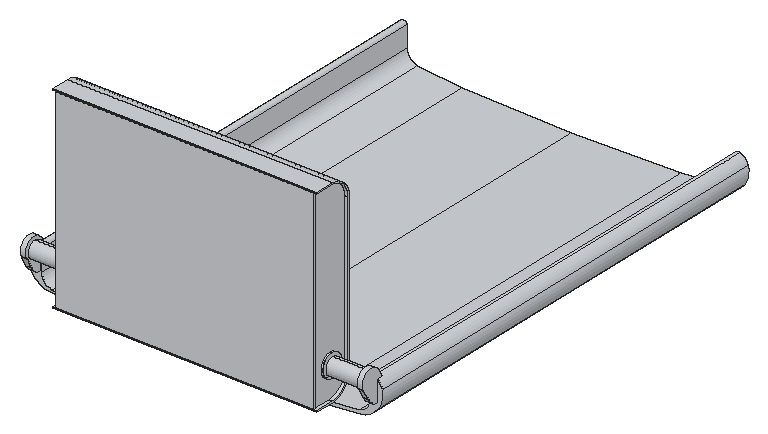
Revit family "3210 Björk Baby changing station", category Furniture Systems, host Wall, Revit 2017
Family settings
  Host = Wall
  Round Connector Dimension = Use Diameter
  Part Type = Normal
  Always vertical = Yes
  Cut with Voids When Loaded = No
  Shared = No
  Room Calculation Point = No
Parameters (values of type "Optional Ral color")
  URL = "http://www.dandryer.dk/da-dk/produkter/produktserie-%E2%80%93-bjork/3210-bjork-puslebord--valgfri-ral-farve"
  UP = not(Down)  # no
  Type Image = <None>
  Surface = none
  Model = "Björk-3210"
  Manufacturer = "Dan Dryer"
  Down = yes
  Description = "Baby changing table"
  Cost = 0
Reference planes
  plane 1 "Wall": y = 0
  plane 2 "Center (Left/Right)": x = 125
  plane 3 "Back": y = 75
Forms (mm)
  Extrusion 1, solid, not visible
    sketch origin (0, 0, 0) x (1, 0, 0) y (0, 1, 0)
      loop
        arc (42.212, 95.366) -> (42.426, 94.946) -> (42.5, 94.481) r 1.5
        line (42.5, 94.481) -> (42.5, 75.3) -> (43.7, 75.3) -> (43.7, 94.481)
        arc (43.7, 94.481) -> (43.567, 95.318) -> (43.181, 96.073) r 2.7
        arc (43.181, 96.073) -> (125, 257.1) -> (206.819, 96.073) r 101.3
        arc (206.819, 96.073) -> (206.433, 95.318) -> (206.3, 94.481) r 2.7
        line (206.3, 94.481) -> (206.3, 75.3) -> (207.5, 75.3) -> (207.5, 94.481)
        arc (207.5, 94.481) -> (207.574, 94.946) -> (207.788, 95.366) r 1.5
        arc (207.788, 95.366) -> (125, 258.3) -> (42.212, 95.366) r 102.5
    from 900 to 1230
  Extrusion 2, void, not visible
    sketch origin (207.5, 94.481, 0) x (0, 1, 0) y (0, 0, -1)
      loop
        line (-19.181, -1225) -> (-19.181, -1230) -> (6.154, -1230)
        arc (6.154, -1230) -> (3.068, -1228.36) -> (2.105, -1225) r 4.47
        line (2.105, -1225) -> (-19.181, -1225)
    from -10.952 to 170.161
  Extrusion 3, void, not visible
    sketch origin (207.5, 94.481, 2130) x (0, 1, 0) y (0, 0, -1)
      loop
        line (-19.181, 1225) -> (2.105, 1225)
        arc (2.105, 1225) -> (3.068, 1228.36) -> (6.154, 1230) r 4.47
        line (6.154, 1230) -> (-19.181, 1230) -> (-19.181, 1225)
    from -6 to 179.451
  Extrusion 4, solid, not visible
    sketch origin (207.5, 75.3, 907) x (0, 1, 0) y (-1, 0, 0)
      loop
        line (0, 163.8) -> (0, 1.2) -> (19.181, 1.2)
        arc (19.181, 1.2) -> (20.018, 1.067) -> (20.773, 0.681) r 2.7
        arc (20.773, 0.681) -> (181.8, 82.5) -> (20.773, 164.319) r 101.3
        arc (20.773, 164.319) -> (20.018, 163.933) -> (19.181, 163.8) r 2.7
        line (19.181, 163.8) -> (0, 163.8)
    from 0 to -2
  Extrusion 5, void, not visible
    sketch origin (206.3, 75.3, 0) x (-1, 0, 0) y (0, 0, 1)
      loop
        arc (83.312, 976) -> (81.303, 978.014) -> (79.288, 976) r 2.012
        line (79.288, 976) -> (79.285, 930)
        arc (79.285, 930) -> (81.297, 927.986) -> (83.312, 930) r 2.012
        line (83.312, 930) -> (83.312, 976)
    from 174.915 to 189.234
  Extrusion 6, solid, not visible
    sketch origin (206.3, 75.3, 0) x (1, 0, 0) y (0, 0, 1)
      loop
        line (-83.312, 975.984) -> (-83.312, 930)
        arc (-83.312, 930) -> (-81.291, 928.118) -> (-79.287, 930.016) r 2.015
        line (-79.287, 930.016) -> (-79.288, 976)
        arc (-79.288, 976) -> (-81.309, 977.882) -> (-83.312, 975.984) r 2.015
    from -182.98 to -174.915
  Extrusion 7, solid, material "RAL FARVE", not visible
    sketch origin (0, 0, 0) x (1, 0, 0) y (0, 1, 0)
      loop
        arc (42.212, 95.366) -> (42.426, 94.946) -> (42.5, 94.481) r 1.5
        line (42.5, 94.481) -> (42.5, 75.3) -> (43.7, 75.3) -> (43.7, 94.481)
        arc (43.7, 94.481) -> (43.567, 95.318) -> (43.181, 96.073) r 2.7
        arc (43.181, 96.073) -> (125, 257.1) -> (206.819, 96.073) r 101.3
        arc (206.819, 96.073) -> (206.433, 95.318) -> (206.3, 94.481) r 2.7
        line (206.3, 94.481) -> (206.3, 75.3) -> (207.5, 75.3) -> (207.5, 94.481)
        arc (207.5, 94.481) -> (207.574, 94.946) -> (207.788, 95.366) r 1.5
        arc (207.788, 95.366) -> (125, 258.3) -> (42.212, 95.366) r 102.5
    from 900 to 1230
Text (mm)
  text "Placement Side" at (-1848.837, 1116.779, 0), in view "Ref. Level"
  text "Placement side" at (0, 1409.804, 2854.306), in view "Left"
  text "Placement side" at (0, 499.811, 2980.732), in view "Right"
Dimensions and locks
  locked: plane 3 "Back" to host wall
  aligned and locked: plane 1 "Wall" to host wall
  aligned and locked: plane 3 "Back" to nested 1  (x2)
Nested families
  nested 1: "Master changing table" at (125, 75, 1050), type "Master changing table"
    with Table up no
Definition of nested family "Master changing table"
  Parameters (values of type "Master changing table")
    Table up = yes
    Table down = yes
    Surface = none
  Reference planes
    plane 1 "Center (Front/Back)": y = 0
    plane 2: z = 0
    plane 3 "Center (Left/Right)": x = 0
  Forms (mm)
    Extrusion 1, solid, material <- "Surface"
      sketch origin (205, 367.912, 256.022) x (0, 1, 0) y (0, 0, 1)
        loop
          line (-368.006, 0) -> (-368.006, -1.5) -> (-337.756, -1.5)
          arc (-337.756, -1.5) -> (-316.543, -10.287) -> (-307.756, -31.5) r 30
          line (-307.756, -31.5) -> (-307.756, -273.5)
          arc (-307.756, -273.5) -> (-316.543, -294.713) -> (-337.756, -303.5) r 30
          line (-337.756, -303.5) -> (-368.006, -303.5) -> (-368.006, -305) -> (-337.756, -305)
          arc (-337.756, -305) -> (-315.482, -295.774) -> (-306.256, -273.5) r 31.5
          line (-306.256, -273.5) -> (-306.256, -31.5)
          arc (-306.256, -31.5) -> (-315.482, -9.226) -> (-337.756, 0) r 31.5
          line (-337.756, 0) -> (-368.006, 0)
      from -410.457 to 0.457
    Extrusion 2, solid, material <- "Surface"
      sketch origin (-200, 30.056, 103.522) x (0, -1, 0) y (0, 0, 1)
        loop
          line (28.149, 150) -> (0.649, 150)
          arc (0.649, 150) -> (-20.564, 141.213) -> (-29.351, 120) r 30
          line (-29.351, 120) -> (-29.351, -120)
          arc (-29.351, -120) -> (-20.564, -141.213) -> (0.649, -150) r 30
          line (0.649, -150) -> (28.149, -150) -> (28.149, 150)
      from 0 to -1.5
    Extrusion 3, solid, material <- "Surface"
      sketch origin (200, 30.056, 103.522) x (0, -1, 0) y (0, 0, -1)
        loop
          line (28.149, -150) -> (28.149, 150) -> (0.649, 150)
          arc (0.649, 150) -> (-20.564, 141.213) -> (-29.351, 120) r 30
          line (-29.351, 120) -> (-29.351, -120)
          arc (-29.351, -120) -> (-20.564, -141.213) -> (0.649, -150) r 30
          line (0.649, -150) -> (28.149, -150)
      from 0 to -1.5
    Extrusion 4, solid, material <- "Surface", visible <- "Table down"
      sketch origin (0, 750.106, -53.254) x (-1, 0, 0) y (0, 0, 1)
        loop
          line (-255, 19.726) -> (-255, 51.373)
          arc (-255, 51.373) -> (-257.243, 55.544) -> (-261.96, 55.973) r 5
          arc (-261.96, 55.973) -> (-270.039, 50.067) -> (-274.685, 41.203) r 22.097
          arc (-274.685, 41.203) -> (-275.07, 26.076) -> (-268.731, 12.336) r 33.351
          arc (-268.731, 12.336) -> (-256.485, 1.616) -> (-241.13, -3.778) r 42.947
          arc (-241.13, -3.778) -> (-205.836, -8.031) -> (-170.362, -10.357) r 652.663
          arc (-170.362, -10.357) -> (-85.196, -12.728) -> (0, -13.33) r 4102.572
          arc (0, -13.33) -> (85.196, -12.728) -> (170.362, -10.357) r 4102.572
          arc (170.362, -10.357) -> (205.836, -8.031) -> (241.13, -3.778) r 652.663
          arc (241.13, -3.778) -> (256.485, 1.616) -> (268.731, 12.336) r 42.947
          arc (268.731, 12.336) -> (275.07, 26.076) -> (274.685, 41.203) r 33.351
          arc (274.685, 41.203) -> (270.039, 50.067) -> (261.96, 55.973) r 22.097
          arc (261.96, 55.973) -> (257.243, 55.544) -> (255, 51.373) r 5
          line (255, 51.373) -> (255, 19.726)
          arc (255, 19.726) -> (250.375, 7.3) -> (238.751, 0.923) r 19.004
          arc (238.751, 0.923) -> (204.558, -3.146) -> (170.196, -5.363) r 637.149
          arc (170.196, -5.363) -> (85.113, -7.758) -> (0, -8.582) r 4609.967
          arc (0, -8.582) -> (-85.113, -7.758) -> (-170.196, -5.363) r 4609.967
          arc (-170.196, -5.363) -> (-204.558, -3.146) -> (-238.751, 0.923) r 637.149
          arc (-238.751, 0.923) -> (-250.375, 7.3) -> (-255, 19.726) r 19.004
      from -709.566 to 0
    Extrusion 5, solid, material <- "Surface", visible <- "Table down"
      sketch origin (258, 29.906, 2.522) x (0, 0, 1) y (0, 1, 0)
        loop
          line (8.4, 14.549) -> (-2.6, 20.9)
          arc (-2.6, 20.9) -> (-4.503, 22.803) -> (-5.2, 25.403) r 5.2
          line (-5.2, 25.403) -> (-5.2, 41.674) -> (-6, 41.383) -> (-6, 177.6)
          arc (-6, 177.6) -> (-6.879, 179.721) -> (-9, 180.6) r 3
          line (-9, 180.6) -> (-33, 180.6)
          arc (-33, 180.6) -> (-35.121, 179.721) -> (-36, 177.6) r 3
          line (-36, 177.6) -> (-36, 30.464) -> (-36.8, 30.172) -> (-36.8, 16.166)
          arc (-36.8, 16.166) -> (-33.477, 3.766) -> (-24.4, -5.312) r 24.8
          line (-24.4, -5.312) -> (-8.4, -14.549)
          arc (-8.4, -14.549) -> (14.549, -8.4) -> (8.4, 14.549) r 16.8
      from -8 to 0
    Extrusion 6, solid, material <- "Surface", visible <- "Table down"
      sketch origin (-266, 29.906, 2.522) x (0, 0, 1) y (0, 1, 0)
        loop
          line (8.4, 14.549) -> (-2.6, 20.9)
          arc (-2.6, 20.9) -> (-4.503, 22.803) -> (-5.2, 25.403) r 5.2
          line (-5.2, 25.403) -> (-5.2, 41.674) -> (-6, 41.383) -> (-6, 177.6)
          arc (-6, 177.6) -> (-6.879, 179.721) -> (-9, 180.6) r 3
          line (-9, 180.6) -> (-33, 180.6)
          arc (-33, 180.6) -> (-35.121, 179.721) -> (-36, 177.6) r 3
          line (-36, 177.6) -> (-36, 30.464) -> (-36.8, 30.172) -> (-36.8, 16.166)
          arc (-36.8, 16.166) -> (-33.477, 3.766) -> (-24.4, -5.312) r 24.8
          line (-24.4, -5.312) -> (-8.4, -14.549)
          arc (-8.4, -14.549) -> (14.549, -8.4) -> (8.4, 14.549) r 16.8
      from -8 to 0
    Extrusion 7, solid, material <- "Surface"
      sketch origin (-258, 31.072, 1.856) x (0, 0, -1) y (0, 1, 0)
        loop
          circle (-0.065, 0.035) r 17.549
      from 53 to 462.5
    Extrusion 8, solid, material <- "Surface", visible <- "Table up"
      sketch origin (0, 85.702, 722.747) x (-1, 0, 0) y (0, -1, 0)
        loop
          line (-255, 19.726) -> (-255, 51.373)
          arc (-255, 51.373) -> (-257.243, 55.544) -> (-261.96, 55.973) r 5
          arc (-261.96, 55.973) -> (-270.039, 50.067) -> (-274.685, 41.203) r 22.097
          arc (-274.685, 41.203) -> (-275.07, 26.076) -> (-268.731, 12.336) r 33.351
          arc (-268.731, 12.336) -> (-256.485, 1.616) -> (-241.13, -3.778) r 42.947
          arc (-241.13, -3.778) -> (-205.836, -8.031) -> (-170.362, -10.357) r 652.663
          arc (-170.362, -10.357) -> (-85.196, -12.728) -> (0, -13.33) r 4102.572
          arc (0, -13.33) -> (85.196, -12.728) -> (170.362, -10.357) r 4102.572
          arc (170.362, -10.357) -> (205.836, -8.031) -> (241.13, -3.778) r 652.663
          arc (241.13, -3.778) -> (256.485, 1.616) -> (268.731, 12.336) r 42.947
          arc (268.731, 12.336) -> (275.07, 26.076) -> (274.685, 41.203) r 33.351
          arc (274.685, 41.203) -> (270.039, 50.067) -> (261.96, 55.973) r 22.097
          arc (261.96, 55.973) -> (257.243, 55.544) -> (255, 51.373) r 5
          line (255, 51.373) -> (255, 19.726)
          arc (255, 19.726) -> (250.375, 7.3) -> (238.751, 0.923) r 19.004
          arc (238.751, 0.923) -> (204.558, -3.146) -> (170.196, -5.363) r 637.149
          arc (170.196, -5.363) -> (85.113, -7.758) -> (0, -8.582) r 4609.967
          arc (0, -8.582) -> (-85.113, -7.758) -> (-170.196, -5.363) r 4609.967
          arc (-170.196, -5.363) -> (-204.558, -3.146) -> (-238.751, 0.923) r 637.149
          arc (-238.751, 0.923) -> (-250.375, 7.3) -> (-255, 19.726) r 19.004
      from -709.566 to 0
    Extrusion 9, solid, material <- "Surface", visible <- "Table up"
      sketch origin (258, 29.925, 2.547) x (0, -1, 0) y (0, 0, 1)
        loop
          line (8.4, 14.549) -> (-2.6, 20.9)
          arc (-2.6, 20.9) -> (-4.503, 22.803) -> (-5.2, 25.403) r 5.2
          line (-5.2, 25.403) -> (-5.2, 41.674) -> (-6, 41.383) -> (-6, 177.6)
          arc (-6, 177.6) -> (-6.879, 179.721) -> (-9, 180.6) r 3
          line (-9, 180.6) -> (-33, 180.6)
          arc (-33, 180.6) -> (-35.121, 179.721) -> (-36, 177.6) r 3
          line (-36, 177.6) -> (-36, 30.464) -> (-36.8, 30.172) -> (-36.8, 16.166)
          arc (-36.8, 16.166) -> (-33.477, 3.766) -> (-24.4, -5.312) r 24.8
          line (-24.4, -5.312) -> (-8.4, -14.549)
          arc (-8.4, -14.549) -> (14.549, -8.4) -> (8.4, 14.549) r 16.8
      from -8 to 0
    Extrusion 10, solid, material <- "Surface", visible <- "Table up"
      sketch origin (-266, 29.925, 2.547) x (0, -1, 0) y (0, 0, 1)
        loop
          line (8.4, 14.549) -> (-2.6, 20.9)
          arc (-2.6, 20.9) -> (-4.503, 22.803) -> (-5.2, 25.403) r 5.2
          line (-5.2, 25.403) -> (-5.2, 41.674) -> (-6, 41.383) -> (-6, 177.6)
          arc (-6, 177.6) -> (-6.879, 179.721) -> (-9, 180.6) r 3
          line (-9, 180.6) -> (-33, 180.6)
          arc (-33, 180.6) -> (-35.121, 179.721) -> (-36, 177.6) r 3
          line (-36, 177.6) -> (-36, 30.464) -> (-36.8, 30.172) -> (-36.8, 16.166)
          arc (-36.8, 16.166) -> (-33.477, 3.766) -> (-24.4, -5.312) r 24.8
          line (-24.4, -5.312) -> (-8.4, -14.549)
          arc (-8.4, -14.549) -> (14.549, -8.4) -> (8.4, 14.549) r 16.8
      from -8 to 0
    Extrusion 11, solid, material <- "Surface"
      sketch origin (-258, 30.572, 1.856) x (0, 0, -1) y (0, 1, 0)
        loop
          circle (-0.065, 0.035) r 13.035
      from 0 to 516
    Extrusion 12, solid, material <- "Surface"
      sketch origin (-258, 30.572, 1.856) x (0, 0, -1) y (0, 1, 0)
        loop
          circle (-0.065, 0.035) r 16.835
      from 54.88 to 461.953
    Extrusion 13, solid, material <- "Surface"
      sketch origin (-5125, -0.094, -947.478) x (-1, 0, 0) y (0, 0, 1)
        loop
          line (-5325, 1202) -> (-5325, 900) -> (-4925, 900) -> (-4925, 1202) -> (-5325, 1202)
      from 0 to 2
    Extrusion 14, solid, not visible
      sketch origin (-5000, 75, 0) x (-1, 0, 0) y (0, 0, 1)
        loop
          line (-5325, 1202) -> (-5325, 900) -> (-4925, 900) -> (-4925, 1202) -> (-5325, 1202)
      from 0 to 2
    Extrusion 15, solid, not visible
      sketch origin (330, 443.006, 1203.5) x (0, 1, 0) y (0, 0, 1)
        loop
          line (-368.006, 0) -> (-368.006, -1.5) -> (-337.756, -1.5)
          arc (-337.756, -1.5) -> (-316.543, -10.287) -> (-307.756, -31.5) r 30
          line (-307.756, -31.5) -> (-307.756, -273.5)
          arc (-307.756, -273.5) -> (-316.543, -294.713) -> (-337.756, -303.5) r 30
          line (-337.756, -303.5) -> (-368.006, -303.5) -> (-368.006, -305) -> (-337.756, -305)
          arc (-337.756, -305) -> (-315.482, -295.774) -> (-306.256, -273.5) r 31.5
          line (-306.256, -273.5) -> (-306.256, -31.5)
          arc (-306.256, -31.5) -> (-315.482, -9.226) -> (-337.756, 0) r 31.5
          line (-337.756, 0) -> (-368.006, 0)
      from -410.457 to 0.457
    Sweep 16, void, not visible
      path origin (330, 443.006, 1203.5) x (0, 1, 0) y (0, 0, 1)
        loop
          line (-368.006, -305) -> (-337.756, -305)
          arc (-337.756, -305) -> (-315.482, -295.774) -> (-306.256, -273.5) r 31.5
          line (-306.256, -273.5) -> (-306.256, -31.5)
          arc (-306.256, -31.5) -> (-315.482, -9.226) -> (-337.756, 0) r 31.5
          line (-337.756, 0) -> (-368.006, 0)
      profile origin (330, 90.125, 1203.5) x (0, 0, -1) y (1, 0, 0)
        loop
          line (0, 0.457) -> (0, -0.75)
          arc (0, -0.75) -> (0.75, 0) -> (1.5, -0.75) r 0.75
          line (1.5, -0.75) -> (1.5, 0.457) -> (0, 0.457)
    Sweep 17, void, not visible
      path origin (-80, 443.006, 1203.5) x (0, 1, 0) y (0, 0, -1)
        loop
          line (-368.006, 305) -> (-337.756, 305)
          arc (-337.756, 305) -> (-315.482, 295.774) -> (-306.256, 273.5) r 31.5
          line (-306.256, 273.5) -> (-306.256, 31.5)
          arc (-306.256, 31.5) -> (-315.482, 9.226) -> (-337.756, 0) r 31.5
          line (-337.756, 0) -> (-368.006, 0)
      profile origin (-80, 90.125, 1203.5) x (0, 0, 1) y (-1, 0, 0)
        loop
          line (0, 0.457) -> (-1.5, 0.457) -> (-1.5, -0.75)
          arc (-1.5, -0.75) -> (-0.75, 0) -> (0, -0.75) r 0.75
          line (0, -0.75) -> (0, 0.457)
    Extrusion 18, solid, not visible
      sketch origin (-75, 105.149, 1051) x (0, -1, 0) y (0, 0, 1)
        loop
          line (28.149, 150) -> (0.649, 150)
          arc (0.649, 150) -> (-20.564, 141.213) -> (-29.351, 120) r 30
          line (-29.351, 120) -> (-29.351, -120)
          arc (-29.351, -120) -> (-20.564, -141.213) -> (0.649, -150) r 30
          line (0.649, -150) -> (28.149, -150) -> (28.149, 150)
      from 0 to -1.5
    Extrusion 19, solid, not visible
      sketch origin (325, 105.149, 1051) x (0, -1, 0) y (0, 0, -1)
        loop
          line (28.149, -150) -> (28.149, 150) -> (0.649, 150)
          arc (0.649, 150) -> (-20.564, 141.213) -> (-29.351, 120) r 30
          line (-29.351, 120) -> (-29.351, -120)
          arc (-29.351, -120) -> (-20.564, -141.213) -> (0.649, -150) r 30
          line (0.649, -150) -> (28.149, -150)
      from 0 to -1.5
    Extrusion 20, void, not visible
      sketch origin (-75, 105.149, 1051) x (0, 1, 0) y (0, 0, 1)
        loop
          circle (-0.114, -100.935) r 17.549
      from 404.5 to -5
    Extrusion 21, solid, visible <- "Table down", not visible
      sketch origin (125, 825.199, 894.224) x (-1, 0, 0) y (0, 0, 1)
        loop
          line (-255, 19.726) -> (-255, 51.373)
          arc (-255, 51.373) -> (-257.243, 55.544) -> (-261.96, 55.973) r 5
          arc (-261.96, 55.973) -> (-270.039, 50.067) -> (-274.685, 41.203) r 22.097
          arc (-274.685, 41.203) -> (-275.07, 26.076) -> (-268.731, 12.336) r 33.351
          arc (-268.731, 12.336) -> (-256.485, 1.616) -> (-241.13, -3.778) r 42.947
          arc (-241.13, -3.778) -> (-205.836, -8.031) -> (-170.362, -10.357) r 652.663
          arc (-170.362, -10.357) -> (-85.196, -12.728) -> (0, -13.33) r 4102.572
          arc (0, -13.33) -> (85.196, -12.728) -> (170.362, -10.357) r 4102.572
          arc (170.362, -10.357) -> (205.836, -8.031) -> (241.13, -3.778) r 652.663
          arc (241.13, -3.778) -> (256.485, 1.616) -> (268.731, 12.336) r 42.947
          arc (268.731, 12.336) -> (275.07, 26.076) -> (274.685, 41.203) r 33.351
          arc (274.685, 41.203) -> (270.039, 50.067) -> (261.96, 55.973) r 22.097
          arc (261.96, 55.973) -> (257.243, 55.544) -> (255, 51.373) r 5
          line (255, 51.373) -> (255, 19.726)
          arc (255, 19.726) -> (250.375, 7.3) -> (238.751, 0.923) r 19.004
          arc (238.751, 0.923) -> (204.558, -3.146) -> (170.196, -5.363) r 637.149
          arc (170.196, -5.363) -> (85.113, -7.758) -> (0, -8.582) r 4609.967
          arc (0, -8.582) -> (-85.113, -7.758) -> (-170.196, -5.363) r 4609.967
          arc (-170.196, -5.363) -> (-204.558, -3.146) -> (-238.751, 0.923) r 637.149
          arc (-238.751, 0.923) -> (-250.375, 7.3) -> (-255, 19.726) r 19.004
      from -709.566 to 0
    Sweep 22, void, not visible
      path origin (125, 825.199, 894.224) x (-1, 0, 0) y (0, 0, 1)
        loop
          arc (-261.96, 55.973) -> (-270.039, 50.067) -> (-274.685, 41.203) r 22.097
          arc (-274.685, 41.203) -> (-275.07, 26.076) -> (-268.731, 12.336) r 33.351
          arc (-268.731, 12.336) -> (-256.485, 1.616) -> (-241.13, -3.778) r 42.947
          arc (-241.13, -3.778) -> (-205.836, -8.031) -> (-170.362, -10.357) r 652.663
          arc (-170.362, -10.357) -> (-85.196, -12.728) -> (0, -13.33) r 4102.572
          arc (0, -13.33) -> (85.196, -12.728) -> (170.362, -10.357) r 4102.572
          arc (170.362, -10.357) -> (205.836, -8.031) -> (241.13, -3.778) r 652.663
          arc (241.13, -3.778) -> (256.485, 1.616) -> (268.731, 12.336) r 42.947
          arc (268.731, 12.336) -> (275.07, 26.076) -> (274.685, 41.203) r 33.351
          arc (274.685, 41.203) -> (270.039, 50.067) -> (261.96, 55.973) r 22.097
          arc (261.96, 55.973) -> (257.243, 55.544) -> (255, 51.373) r 5
          line (255, 51.373) -> (255, 19.726)
          arc (255, 19.726) -> (250.375, 7.3) -> (238.751, 0.923) r 19.004
          arc (238.751, 0.923) -> (204.558, -3.146) -> (170.196, -5.363) r 637.149
          arc (170.196, -5.363) -> (85.113, -7.758) -> (0, -8.582) r 4609.967
          arc (0, -8.582) -> (-85.113, -7.758) -> (-170.196, -5.363) r 4609.967
          arc (-170.196, -5.363) -> (-204.558, -3.146) -> (-238.751, 0.923) r 637.149
          arc (-238.751, 0.923) -> (-250.375, 7.3) -> (-255, 19.726) r 19.004
          line (-255, 19.726) -> (-255, 51.373)
          arc (-255, 51.373) -> (-257.243, 55.544) -> (-261.96, 55.973) r 5
      profile origin (395.039, 825.199, 944.291) x (-0.757606, 0, -0.652712) y (0, 1, 0)
        loop
          arc (0, -1.006) -> (0.295, -0.295) -> (1.006, 0) r 1.006
          line (1.006, 0) -> (0, 0) -> (0, -1.006)
    Extrusion 23, void, not visible
      sketch origin (-141, 105, 950) x (0, 0, 1) y (0, 1, 0)
        loop
          line (-93.281, 10.633) -> (14.517, 10.633) -> (14.517, 49.868) -> (-93.281, 10.633)
      from -603.294 to 94
    Extrusion 24, solid, visible <- "Table down", not visible
      sketch origin (383, 105, 950) x (0, 0, 1) y (0, 1, 0)
        loop
          line (8.4, 14.549) -> (-2.6, 20.9)
          arc (-2.6, 20.9) -> (-4.503, 22.803) -> (-5.2, 25.403) r 5.2
          line (-5.2, 25.403) -> (-5.2, 41.674) -> (-6, 41.383) -> (-6, 177.6)
          arc (-6, 177.6) -> (-6.879, 179.721) -> (-9, 180.6) r 3
          line (-9, 180.6) -> (-33, 180.6)
          arc (-33, 180.6) -> (-35.121, 179.721) -> (-36, 177.6) r 3
          line (-36, 177.6) -> (-36, 30.464) -> (-36.8, 30.172) -> (-36.8, 16.166)
          arc (-36.8, 16.166) -> (-33.477, 3.766) -> (-24.4, -5.312) r 24.8
          line (-24.4, -5.312) -> (-8.4, -14.549)
          arc (-8.4, -14.549) -> (14.549, -8.4) -> (8.4, 14.549) r 16.8
      from -8 to 0
    Extrusion 25, solid, visible <- "Table down", not visible
      sketch origin (-141, 105, 950) x (0, 0, 1) y (0, 1, 0)
        loop
          line (8.4, 14.549) -> (-2.6, 20.9)
          arc (-2.6, 20.9) -> (-4.503, 22.803) -> (-5.2, 25.403) r 5.2
          line (-5.2, 25.403) -> (-5.2, 41.674) -> (-6, 41.383) -> (-6, 177.6)
          arc (-6, 177.6) -> (-6.879, 179.721) -> (-9, 180.6) r 3
          line (-9, 180.6) -> (-33, 180.6)
          arc (-33, 180.6) -> (-35.121, 179.721) -> (-36, 177.6) r 3
          line (-36, 177.6) -> (-36, 30.464) -> (-36.8, 30.172) -> (-36.8, 16.166)
          arc (-36.8, 16.166) -> (-33.477, 3.766) -> (-24.4, -5.312) r 24.8
          line (-24.4, -5.312) -> (-8.4, -14.549)
          arc (-8.4, -14.549) -> (14.549, -8.4) -> (8.4, 14.549) r 16.8
      from -8 to 0
    Extrusion 26, solid, not visible
      sketch origin (-133, 106.166, 949.334) x (0, 0, -1) y (0, 1, 0)
        loop
          circle (-0.065, 0.035) r 17.549
      from 53 to 462.5
    Extrusion 27, solid, visible <- "Table up", not visible
      sketch origin (125, 160.795, 1670.224) x (-1, 0, 0) y (0, -1, 0)
        loop
          line (-255, 19.726) -> (-255, 51.373)
          arc (-255, 51.373) -> (-257.243, 55.544) -> (-261.96, 55.973) r 5
          arc (-261.96, 55.973) -> (-270.039, 50.067) -> (-274.685, 41.203) r 22.097
          arc (-274.685, 41.203) -> (-275.07, 26.076) -> (-268.731, 12.336) r 33.351
          arc (-268.731, 12.336) -> (-256.485, 1.616) -> (-241.13, -3.778) r 42.947
          arc (-241.13, -3.778) -> (-205.836, -8.031) -> (-170.362, -10.357) r 652.663
          arc (-170.362, -10.357) -> (-85.196, -12.728) -> (0, -13.33) r 4102.572
          arc (0, -13.33) -> (85.196, -12.728) -> (170.362, -10.357) r 4102.572
          arc (170.362, -10.357) -> (205.836, -8.031) -> (241.13, -3.778) r 652.663
          arc (241.13, -3.778) -> (256.485, 1.616) -> (268.731, 12.336) r 42.947
          arc (268.731, 12.336) -> (275.07, 26.076) -> (274.685, 41.203) r 33.351
          arc (274.685, 41.203) -> (270.039, 50.067) -> (261.96, 55.973) r 22.097
          arc (261.96, 55.973) -> (257.243, 55.544) -> (255, 51.373) r 5
          line (255, 51.373) -> (255, 19.726)
          arc (255, 19.726) -> (250.375, 7.3) -> (238.751, 0.923) r 19.004
          arc (238.751, 0.923) -> (204.558, -3.146) -> (170.196, -5.363) r 637.149
          arc (170.196, -5.363) -> (85.113, -7.758) -> (0, -8.582) r 4609.967
          arc (0, -8.582) -> (-85.113, -7.758) -> (-170.196, -5.363) r 4609.967
          arc (-170.196, -5.363) -> (-204.558, -3.146) -> (-238.751, 0.923) r 637.149
          arc (-238.751, 0.923) -> (-250.375, 7.3) -> (-255, 19.726) r 19.004
      from -709.566 to 0
    Sweep 28, void, not visible
      path origin (125, 160.795, 1670.224) x (-1, 0, 0) y (0, -1, 0)
        loop
          arc (-261.96, 55.973) -> (-270.039, 50.067) -> (-274.685, 41.203) r 22.097
          arc (-274.685, 41.203) -> (-275.07, 26.076) -> (-268.731, 12.336) r 33.351
          arc (-268.731, 12.336) -> (-256.485, 1.616) -> (-241.13, -3.778) r 42.947
          arc (-241.13, -3.778) -> (-205.836, -8.031) -> (-170.362, -10.357) r 652.663
          arc (-170.362, -10.357) -> (-85.196, -12.728) -> (0, -13.33) r 4102.572
          arc (0, -13.33) -> (85.196, -12.728) -> (170.362, -10.357) r 4102.572
          arc (170.362, -10.357) -> (205.836, -8.031) -> (241.13, -3.778) r 652.663
          arc (241.13, -3.778) -> (256.485, 1.616) -> (268.731, 12.336) r 42.947
          arc (268.731, 12.336) -> (275.07, 26.076) -> (274.685, 41.203) r 33.351
          arc (274.685, 41.203) -> (270.039, 50.067) -> (261.96, 55.973) r 22.097
          arc (261.96, 55.973) -> (257.243, 55.544) -> (255, 51.373) r 5
          line (255, 51.373) -> (255, 19.726)
          arc (255, 19.726) -> (250.375, 7.3) -> (238.751, 0.923) r 19.004
          arc (238.751, 0.923) -> (204.558, -3.146) -> (170.196, -5.363) r 637.149
          arc (170.196, -5.363) -> (85.113, -7.758) -> (0, -8.582) r 4609.967
          arc (0, -8.582) -> (-85.113, -7.758) -> (-170.196, -5.363) r 4609.967
          arc (-170.196, -5.363) -> (-204.558, -3.146) -> (-238.751, 0.923) r 637.149
          arc (-238.751, 0.923) -> (-250.375, 7.3) -> (-255, 19.726) r 19.004
          line (-255, 19.726) -> (-255, 51.373)
          arc (-255, 51.373) -> (-257.243, 55.544) -> (-261.96, 55.973) r 5
      profile origin (395.039, 110.728, 1670.224) x (-0.757606, 0.652712, 0) y (0, 0, 1)
        loop
          arc (0, -1.006) -> (0.295, -0.295) -> (1.006, 0) r 1.006
          line (1.006, 0) -> (0, 0) -> (0, -1.006)
    Extrusion 29, void, not visible
      sketch origin (-141, 105.019, 950.025) x (0, -1, 0) y (0, 0, 1)
        loop
          line (-93.281, 10.633) -> (14.517, 10.633) -> (14.517, 49.868) -> (-93.281, 10.633)
      from -603.294 to 94
    Extrusion 30, solid, visible <- "Table up", not visible
      sketch origin (383, 105.019, 950.025) x (0, -1, 0) y (0, 0, 1)
        loop
          line (8.4, 14.549) -> (-2.6, 20.9)
          arc (-2.6, 20.9) -> (-4.503, 22.803) -> (-5.2, 25.403) r 5.2
          line (-5.2, 25.403) -> (-5.2, 41.674) -> (-6, 41.383) -> (-6, 177.6)
          arc (-6, 177.6) -> (-6.879, 179.721) -> (-9, 180.6) r 3
          line (-9, 180.6) -> (-33, 180.6)
          arc (-33, 180.6) -> (-35.121, 179.721) -> (-36, 177.6) r 3
          line (-36, 177.6) -> (-36, 30.464) -> (-36.8, 30.172) -> (-36.8, 16.166)
          arc (-36.8, 16.166) -> (-33.477, 3.766) -> (-24.4, -5.312) r 24.8
          line (-24.4, -5.312) -> (-8.4, -14.549)
          arc (-8.4, -14.549) -> (14.549, -8.4) -> (8.4, 14.549) r 16.8
      from -8 to 0
    Extrusion 31, solid, visible <- "Table up", not visible
      sketch origin (-141, 105.019, 950.025) x (0, -1, 0) y (0, 0, 1)
        loop
          line (8.4, 14.549) -> (-2.6, 20.9)
          arc (-2.6, 20.9) -> (-4.503, 22.803) -> (-5.2, 25.403) r 5.2
          line (-5.2, 25.403) -> (-5.2, 41.674) -> (-6, 41.383) -> (-6, 177.6)
          arc (-6, 177.6) -> (-6.879, 179.721) -> (-9, 180.6) r 3
          line (-9, 180.6) -> (-33, 180.6)
          arc (-33, 180.6) -> (-35.121, 179.721) -> (-36, 177.6) r 3
          line (-36, 177.6) -> (-36, 30.464) -> (-36.8, 30.172) -> (-36.8, 16.166)
          arc (-36.8, 16.166) -> (-33.477, 3.766) -> (-24.4, -5.312) r 24.8
          line (-24.4, -5.312) -> (-8.4, -14.549)
          arc (-8.4, -14.549) -> (14.549, -8.4) -> (8.4, 14.549) r 16.8
      from -8 to 0
    Extrusion 32, solid, not visible
      sketch origin (-133, 105.666, 949.334) x (0, 0, -1) y (0, 1, 0)
        loop
          circle (-0.065, 0.035) r 13.035
      from 0 to 516
    Extrusion 33, solid, not visible
      sketch origin (-133, 105.666, 949.334) x (0, 0, -1) y (0, 1, 0)
        loop
          circle (-0.065, 0.035) r 16.835
      from 54.88 to 461.953
  Lines and regions (mm)
    reference lines, not visible
      curve 1: line (125, 825.199, 1226.874) -> (125, 825.199, 885.642)
      curve 2: line (125, 419.974, 1670.224) -> (125, -185.026, 1670.224)
  Dimensions and locks
    locked: Extrusion 13 to Extrusion 13 at 2
    aligned and locked: level to plane 2
    aligned and locked: Extrusion 3 to Extrusion 13
